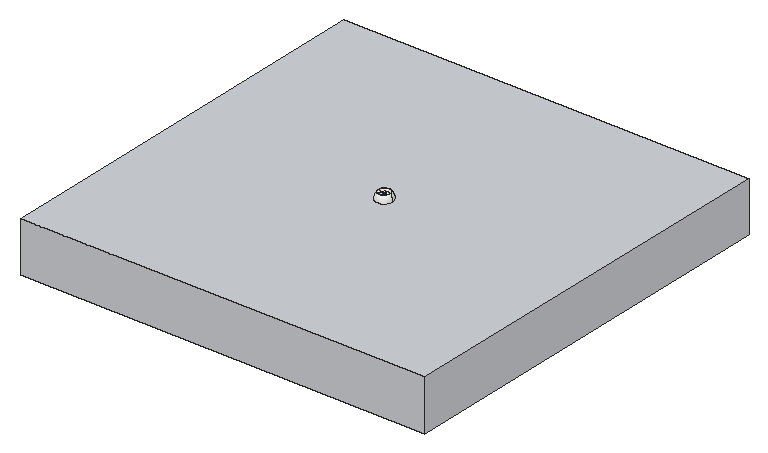
Revit family "Zumtobel ED-SENS mini CM", category Elektrische Ausstattung, Revit 2016
Family settings
  Basisbauteil = Fläche
  Teiletyp = Geräteschalter
  Bemaßung runder Anschluss = Durchmesser verwenden
  Beim Laden mit Abzugskörper schneiden = Nein
  Gemeinsam genutzt = Nein
  Raumberechnungspunkt = Nein
Parameters (values of type "ED-SENS mini CM")
  Wattzahl = "0.256"
  Default Elevation = 1219.2 mm
  Voltage = 16 V
  URL = "www.zumtobel.com/22170201"
  Typenkommentare = "© Zumtobel. We reserve the right to make technical changes without prior notice."  # constant formula
  Spannung = "16"
  Modell = "22170201"
  Hersteller = "Zumtobel Lighting"  # constant formula
  Busse = "DALI"
  Beschreibung = "Movement infrared (PIR) and light sensor"  # constant formula
  Apparent Load = 0.26 VA
Reference planes
  plane 1 "Mitte (Vorne/Hinten)": y = 0
  plane 2: z = 480.169
  plane 3 "Mitte (Links/Rechts)": x = 0
  plane 4: z = 516.169
  plane 5: x = -34.5
Forms (mm)
  Extrusion 1, solid
    sketch origin (0, 0, 480.169) x (1, 0, 0) y (0, 1, 0)
      loop
        line (-1219.2, 1219.2) -> (-1219.2, -1219.2) -> (1219.2, -1219.2) -> (1219.2, 1219.2) -> (-1219.2, 1219.2)
    from 0 to -304.8
  Extrusion 2, solid, material "ZG Sensor Gray"
    sketch origin (0, 0, 480.169) x (1, 0, 0) y (0, 1, 0)
      loop
        circle (0, 0) r 7
    from 29.565 to 19.574
  Revolve 3, solid, material "ZG Sensor White"
    sketch origin (0, 0, 0) x (1, 0, 0) y (0, 0, 1)
      loop
        line (-48.5, 480.169) -> (0, 480.169) -> (0, 499.743) -> (-7, 499.743) -> (-7, 509.734) -> (-27, 509.734)
        arc (-27, 509.734) -> (-31.941, 511.564) -> (-34.5, 516.169) r 7.588
        line (-34.5, 516.169) -> (-36.5, 516.169)
        arc (-36.5, 516.169) -> (-45.592, 499.2) -> (-48.5, 480.169) r 56.857
      axis (0, 516.169) -> (0, 480.169)
    angle from 0 to 360
Dimensions and locks
  plane 4 to plane 2 = 36 mm
  aligned and locked: plane 2 to Extrusion 1
  aligned and locked: level to Extrusion 1
  aligned and locked: plane 3 "Mitte (Links/Rechts)" to Extrusion 2 sketch curve
  aligned and locked: plane 1 "Mitte (Vorne/Hinten)" to Extrusion 2 sketch curve
  aligned and locked: Revolve 3 sketch curve to plane 2
Connectors
  electrical at (0, 0, 480.169), driven by "Voltage", driven by "Apparent Load"
    settings: index 1, voltage 16 V, apparent load 0 VA, apparent load phase1 0.26 VA, apparent load phase2 0 VA, apparent load phase3 0 VA, power factor 1, load classification "Sonstige", number of poles 1, system type 14, power factor state 1, is connector primary yes, connector utility no, sub classification motor no, connector description ""
